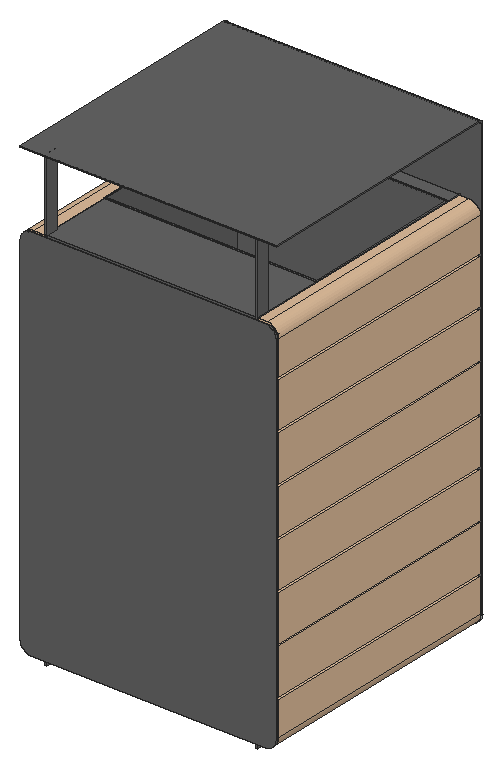
Revit family "1114-S-L", category Meble, Revit 2021
Family settings
  Numer OmniClass = 23.40.20.00
  Tytuł OmniClass = General Furniture and Specialties
  Oparty na płaszczyźnie roboczej = Nie
  Zawsze pionowo = Tak
  Tnij formami wycięć po wczytaniu = Nie
  Współdzielony = Nie
  Punkt obliczania pomieszczeń = Nie
Parameters (values of type "1114-S-L")
  wood = Mobilis Design Wood - Larch
  metal = Mobilis Design RAL 9004
  Width = "51 cm"
  Weight = "50 kg"
  URL = ""
  Size = "70 L"
  Product line = "Centaurus"
  Product Groups = ""
  Manufacturer = ""
  Keynote = ""
  Description = ""
  Model = "1114-S-L"
  Material = ""
  Maintenance = ""
  Lenght = "51 cm"
  Type Comments = ""
  Mobilis Design Materials = ""
  Hosted on = ""
  Height = "90 cm"
  Domyślna rzędna = 0 mm
  Copyright = "All designs and drawings are the common intellectual property of Lars Laj A/S and Tress and are protected by Danish and international copyright laws."
Reference planes
  plane 1 "front": y = 0
  plane 2: z = 0
  plane 3 "Środek (Lewa/Prawa)": x = 0
Forms (mm)
  Extrusion 1, solid, material "Mobilis Design RAL 9004" <- "metal", not visible
    sketch origin (0, 0, 0) x (0, 1, 0) y (0, 0, 1)
      loop
        arc (71.187, 451.5) -> (57.045, 445.642) -> (51.187, 431.5) r 20
        line (51.187, 431.5) -> (51.187, 18.231)
        arc (51.187, 18.231) -> (56.527, 5.34) -> (69.418, 0) r 18.231
        line (69.418, 0) -> (153.638, 0) -> (153.638, 15) -> (448.638, 15) -> (448.638, 0) -> (527.023, 0)
        arc (527.023, 0) -> (542.307, 6.331) -> (548.638, 21.615) r 21.615
        line (548.638, 21.615) -> (548.638, 429.407)
        arc (548.638, 429.407) -> (542.168, 445.029) -> (526.545, 451.5) r 22.093
        line (526.545, 451.5) -> (71.187, 451.5)
    from 750.378 to 745
  Extrusion 2, solid, material "Mobilis Design RAL 9004" <- "metal", not visible
    sketch origin (0, 0, 0) x (0, 1, 0) y (0, 0, 1)
      loop
        line (548.638, 396.844) -> (629.375, 854.725) -> (601.836, 859.581)
        arc (601.836, 859.581) -> (585.224, 855.898) -> (576.082, 841.547) r 22.232
        line (576.082, 841.547) -> (507.306, 451.5) -> (526.545, 451.5)
        arc (526.545, 451.5) -> (542.168, 445.029) -> (548.638, 429.407) r 22.093
        line (548.638, 429.407) -> (548.638, 396.844)
    from 745 to 750.378
  Extrusion 3, solid, material "Mobilis Design Wood - Larch" <- "wood"
    sketch origin (6.56, 249.515, 35) x (1, 0, 0) y (0, 0, 1)
      loop
        line (255, 642) -> (255, 709.621)
        arc (255, 709.621) -> (248.454, 725.424) -> (232.65, 731.97) r 22.35
        line (232.65, 731.97) -> (212, 731.97) -> (212, 642) -> (255, 642)
    from 0 to 500
  Extrusion 4, solid, material "Mobilis Design Wood - Larch" <- "wood"
    sketch origin (6.56, 249.515, 35) x (-1, 0, 0) y (0, 0, -1)
      loop
        line (255, -642) -> (212, -642) -> (212, -731.97) -> (232.65, -731.97)
        arc (232.65, -731.97) -> (248.454, -725.424) -> (255, -709.621) r 22.35
        line (255, -709.621) -> (255, -642)
    from 0 to 500
  Extrusion 5, solid, material "Mobilis Design Wood - Larch" <- "wood"
    sketch origin (6.56, 249.515, 744) x (1, 0, 0) y (0, 0, 1)
      loop
        line (255, -642) -> (212, -642) -> (212, -731.97) -> (232.65, -731.97)
        arc (232.65, -731.97) -> (248.454, -725.424) -> (255, -709.621) r 22.35
        line (255, -709.621) -> (255, -642)
    from 0 to 500
  Extrusion 6, solid, material "Mobilis Design Wood - Larch" <- "wood"
    sketch origin (6.56, 249.515, 744) x (-1, 0, 0) y (0, 0, -1)
      loop
        line (255, 642) -> (255, 709.621)
        arc (255, 709.621) -> (248.454, 725.424) -> (232.65, 731.97) r 22.35
        line (232.65, 731.97) -> (212, 731.97) -> (212, 642) -> (255, 642)
    from 0 to 500
  Extrusion 7, solid, material "Mobilis Design Wood - Larch" <- "wood"
    sketch origin (6.56, 249.515, 839) x (-1, 0, 0) y (0, 0, -1)
      loop
        line (255, 642) -> (255, 731.97) -> (212, 731.97) -> (212, 642) -> (255, 642)
    from 0 to 500
  Extrusion 8, solid, material "Mobilis Design Wood - Larch" <- "wood"
    sketch origin (6.56, 249.515, 934) x (-1, 0, 0) y (0, 0, -1)
      loop
        line (255, 642) -> (255, 731.97) -> (212, 731.97) -> (212, 642) -> (255, 642)
    from 0 to 500
  Extrusion 9, solid, material "Mobilis Design Wood - Larch" <- "wood"
    sketch origin (6.56, 249.515, 1029) x (-1, 0, 0) y (0, 0, -1)
      loop
        line (255, 642) -> (255, 731.97) -> (212, 731.97) -> (212, 642) -> (255, 642)
    from 0 to 500
  Extrusion 10, solid, material "Mobilis Design Wood - Larch" <- "wood"
    sketch origin (6.56, 249.515, 1124) x (-1, 0, 0) y (0, 0, -1)
      loop
        line (255, 642) -> (255, 731.97) -> (212, 731.97) -> (212, 642) -> (255, 642)
    from 0 to 500
  Extrusion 11, solid, material "Mobilis Design Wood - Larch" <- "wood"
    sketch origin (6.56, 249.515, 1219) x (-1, 0, 0) y (0, 0, -1)
      loop
        line (255, 642) -> (255, 731.97) -> (212, 731.97) -> (212, 642) -> (255, 642)
    from 0 to 500
  Extrusion 12, solid, material "Mobilis Design Wood - Larch" <- "wood"
    sketch origin (6.56, 249.515, 1314) x (-1, 0, 0) y (0, 0, -1)
      loop
        line (255, 642) -> (255, 731.97) -> (212, 731.97) -> (212, 642) -> (255, 642)
    from 0 to 500
  Extrusion 13, solid, material "Mobilis Design Wood - Larch" <- "wood"
    sketch origin (6.56, 249.515, 839) x (1, 0, 0) y (0, 0, 1)
      loop
        line (255, -642) -> (212, -642) -> (212, -731.97) -> (255, -731.97) -> (255, -642)
    from 0 to 500
  Extrusion 14, solid, material "Mobilis Design Wood - Larch" <- "wood"
    sketch origin (6.56, 249.515, 934) x (1, 0, 0) y (0, 0, 1)
      loop
        line (255, -642) -> (212, -642) -> (212, -731.97) -> (255, -731.97) -> (255, -642)
    from 0 to 500
  Extrusion 15, solid, material "Mobilis Design Wood - Larch" <- "wood"
    sketch origin (6.56, 249.515, 1029) x (1, 0, 0) y (0, 0, 1)
      loop
        line (255, -642) -> (212, -642) -> (212, -731.97) -> (255, -731.97) -> (255, -642)
    from 0 to 500
  Extrusion 16, solid, material "Mobilis Design Wood - Larch" <- "wood"
    sketch origin (6.56, 249.515, 1124) x (1, 0, 0) y (0, 0, 1)
      loop
        line (255, -642) -> (212, -642) -> (212, -731.97) -> (255, -731.97) -> (255, -642)
    from 0 to 500
  Extrusion 17, solid, material "Mobilis Design Wood - Larch" <- "wood"
    sketch origin (6.56, 249.515, 1219) x (1, 0, 0) y (0, 0, 1)
      loop
        line (255, -642) -> (212, -642) -> (212, -731.97) -> (255, -731.97) -> (255, -642)
    from 0 to 500
  Extrusion 18, solid, material "Mobilis Design Wood - Larch" <- "wood"
    sketch origin (6.56, 249.515, 1314) x (1, 0, 0) y (0, 0, 1)
      loop
        line (255, -642) -> (212, -642) -> (212, -731.97) -> (255, -731.97) -> (255, -642)
    from 0 to 500
  Extrusion 19, solid, material "Mobilis Design RAL 9004" <- "metal"
    sketch origin (6.56, 249.515, 35) x (1, 0, 0) y (0, 0, 1)
      loop
        arc (-233.5, 731.97) -> (-248.703, 725.673) -> (-255, 710.47) r 21.5
        line (-255, 710.47) -> (-255, -1.454)
        arc (-255, -1.454) -> (-248.703, -16.657) -> (-233.5, -22.954) r 21.5
        line (-233.5, -22.954) -> (233.5, -22.954)
        arc (233.5, -22.954) -> (248.703, -16.657) -> (255, -1.454) r 21.5
        line (255, -1.454) -> (255, 710.47)
        arc (255, 710.47) -> (248.703, 725.673) -> (233.5, 731.97) r 21.5
        line (233.5, 731.97) -> (-233.5, 731.97)
    from 505 to 506.738
  Extrusion 20, solid
    sketch origin (6.56, -250.485, 37.5) x (1, 0, 0) y (0, 0, -1)
      loop
        line (-171.5, -724.5) -> (183.5, -724.5)
        arc (183.5, -724.5) -> (198.703, -718.203) -> (205, -703) r 21.5
        line (205, -703) -> (205, -19)
        arc (205, -19) -> (198.703, -3.797) -> (183.5, 2.5) r 21.5
        line (183.5, 2.5) -> (-171.5, 2.5)
        arc (-171.5, 2.5) -> (-186.703, -3.797) -> (-193, -19) r 21.5
        line (-193, -19) -> (-193, -703)
        arc (-193, -703) -> (-186.703, -718.203) -> (-171.5, -724.5) r 21.5
    from 503 to 505
  Extrusion 21, solid
    sketch origin (6.56, 249.515, 0) x (1, 0, 0) y (0, 1, 0)
      loop
        line (-233.5, 0) -> (-233.5, -500) -> (232, -500) -> (232, 0) -> (-233.5, 0)
    from 12 to 19
  Extrusion 22, solid
    sketch origin (6.56, 249.515, 0) x (1, 0, 0) y (0, 1, 0)
      loop
        line (-201.598, -29.603) -> (-201.598, -79.603) -> (-151.598, -79.603) -> (-151.598, -29.603) -> (-201.598, -29.603)
      loop
        line (151.598, -79.603) -> (201.598, -79.603) -> (201.598, -31.623) -> (151.598, -31.623) -> (151.598, -79.603)
      loop
        line (-201.598, -420.397) -> (-201.598, -470.397) -> (-151.598, -470.397) -> (-151.598, -420.397) -> (-201.598, -420.397)
      loop
        line (151.598, -420.397) -> (151.598, -470.397) -> (201.598, -470.397) -> (201.598, -420.397) -> (151.598, -420.397)
    from 0 to 12
  Extrusion 23, solid, material "Mobilis Design RAL 9004" <- "metal"
    sketch origin (6.56, 249.515, 0) x (0, 1, 0) y (0, 0, 1)
      loop
        line (-506.738, 911.738) -> (0, 911.738)
        arc (0, 911.738) -> (2.121, 910.859) -> (3, 908.738) r 3
        line (3, 908.738) -> (3, 32.084) -> (5, 32.084) -> (5, 908.971)
        arc (5, 908.971) -> (3.604, 912.342) -> (0.233, 913.738) r 4.767
        line (0.233, 913.738) -> (-506.738, 913.738) -> (-506.738, 911.738)
    from -255 to 255
  Extrusion 24, void
    sketch origin (15.31, 254.515, 909.738) x (0, 0, 1) y (-1, 0, 0)
      loop
        line (-147.738, -172.021) -> (-147.738, 182.979)
        arc (-147.738, 182.979) -> (-154.035, 198.182) -> (-169.238, 204.479) r 21.5
        line (-169.238, 204.479) -> (-853.238, 204.479)
        arc (-853.238, 204.479) -> (-868.441, 198.182) -> (-874.738, 182.979) r 21.5
        line (-874.738, 182.979) -> (-874.738, -172.021)
        arc (-874.738, -172.021) -> (-868.441, -187.224) -> (-853.238, -193.521) r 21.5
        line (-853.238, -193.521) -> (-169.238, -193.521)
        arc (-169.238, -193.521) -> (-154.035, -187.224) -> (-147.738, -172.021) r 21.5
    from 0 to 250
  Extrusion 25, solid, material "Mobilis Design RAL 9004" <- "metal"
    sketch origin (6.56, 249.515, 0) x (1, 0, 0) y (0, 0, 1)
      loop
        line (-193, 740.5) -> (-193, 56.5)
        arc (-193, 56.5) -> (-186.703, 41.297) -> (-171.5, 35) r 21.5
        line (-171.5, 35) -> (183.5, 35)
        arc (183.5, 35) -> (198.703, 41.297) -> (205, 56.5) r 21.5
        line (205, 56.5) -> (205, 740.5)
        arc (205, 740.5) -> (198.703, 755.703) -> (183.5, 762) r 21.5
        line (183.5, 762) -> (-171.5, 762)
        arc (-171.5, 762) -> (-186.703, 755.703) -> (-193, 740.5) r 21.5
    from -10.674 to -5
  Extrusion 26, solid, material "Mobilis Design RAL 9004" <- "metal"
    sketch origin (6.56, 249.515, 0) x (1, 0, 0) y (0, 1, 0)
      loop
        line (-212, -475) -> (-212, -500) -> (-207.717, -500) -> (-207.717, -475) -> (-212, -475)
      loop
        line (212, -475) -> (207.717, -475) -> (207.717, -500) -> (212, -500) -> (212, -475)
    from 0 to 911.738
  Extrusion 27, solid, material "Mobilis Design RAL 9004" <- "metal"
    sketch origin (-1264.87, -782.523, 0) x (1, 0, 0) y (0, 1, 0)
      loop
        line (1061.429, 680.3) -> (1061.429, 532.562) -> (1483.429, 532.562) -> (1483.429, 680.3) -> (1061.429, 680.3)
      loop
        line (1059.429, 1035.562) -> (1059.429, 1008.562) -> (1483.429, 1008.562) -> (1483.429, 1035.562) -> (1059.429, 1035.562)
    from 762 to 766.97
  Extrusion 28, solid, material "Mobilis Design RAL 9004" <- "metal"
    sketch origin (6.56, 249.515, 0) x (1, 0, 0) y (0, 1, 0)
      loop
        line (-212, -23.476) -> (-212, -351.738) -> (212, -351.738) -> (212, -23.476) -> (-212, -23.476)
      loop
        line (-208.789, -26.871) -> (-208.789, -349.515) -> (208.6, -349.515) -> (208.6, -26.871) -> (-208.789, -26.871)
    from 19 to 766.97
  Extrusion 29, solid
    sketch origin (6.56, 249.515, 0) x (1, 0, 0) y (0, 0, 1)
      loop
        arc (-257.105, 32.084) -> (-253.172, 19.776) -> (-242.831, 12.03) r 21.224
        line (-242.831, 12.03) -> (233.952, 12.03)
        arc (233.952, 12.03) -> (248.647, 17.822) -> (255.438, 32.084) r 21.537
        line (255.438, 32.084) -> (-257.105, 32.084)
    from -5 to -3
Dimensions and locks
  aligned and locked: level to plane 2
